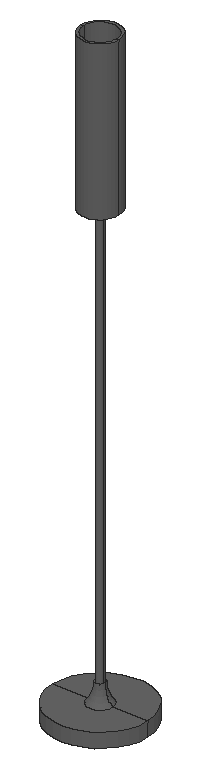
Revit family "Alcon-12315-2-Revit-Family", category Lighting Fixtures, host Face, Revit 2021
Family settings
  Host = Face
  Round Connector Dimension = Use Diameter
  Part Type = Normal
  Cut with Voids When Loaded = No
  Light Source = Yes
  Shared = No
  Room Calculation Point = No
Parameters
  Wattage = 9.2903 W
  built-in parameter 1150110 = 1 (stored number, unit not read)
  URL = "https://www.alconlighting.com/"
  built-in parameter 1114217 = 1 (stored number, unit not read)
  Tilt Angle = 90.00°
  built-in parameter 1150109 = 1 (stored number, unit not read)
  built-in parameter 1150134 = 3
  built-in parameter 1150113 = 1 (stored number, unit not read)
  Product Identity = "Alcon Lighting 12315"
  Photometric Web File = "LTDP320B-B15.ies"
  built-in parameter 1150142 = "IESNA:LM-63-2002\r\n[TEST] 0677-L1-180716\r\n[TESTLAB] EEMA Industries\r\n[TESTDATE] 07/16/2018\r\n[ISSUEDATE] 08/07/2018\r\n[NEARFIELD] \r\n[MANUFAC] Liton Lighting Inc\r\n[LUMCAT] LTDP320B-B15\r\n[LUMINAIRE] LED Cylo 2” Cylinder Pendant\r\nTILT=NONE\r\n1 1151 1 73 17 1 1 -0.22 -0.22 0\r\n1.0 1.0 18.16\r\n0 2.5 5 7.5 10 12.5 15 17.5 20 22.5 25 27.5 30 32.5 35 37.5 40 42.5 45 47.5 50 52.5 55 57.5 60 62.5 65 67.5 70 72.5 75 77.5 80 82.5 85 87.5 90 92.5 95 97.5 100 102.5 105 107.5 110 112.5 115 117.5 120 122.5 125 127.5 130 132.5 135 137.5\r\n 140 142.5 145 147.5 150 152.5 155 157.5 160 162.5 165 167.5 170 172.5 175 177.5 180\r\n0 22.5 45 67.5 90 112.5 135 157.5 180 202.5 225 247.5 270 292.5 315 337.5 360 \r\n8365.0586 7627.9517 6423.3345 5358.8789 3749.5847 2518.447 1596.1089 934.2343 523.5054 284.7968 152.0357 80.0753 49.4962 36.695 29.4341 25.629 24.1031 23.5203 22.6312 22.3702 21.4196 20.5144 19.3337 17.5444 16.2875 15.0066 13.0059\r\n 11.2094 9.3772 7.268 5.7915 4.4899 3.2258 2.5857 1.4682 0.9084 0.4404 0.4159 0.3914 0.367 0.3425 0.318 0.2936 0.2691 0.2446 0.2202 0.1957 0.1713 0.1468 0.1223 0.0979 0.0734 0.0489 0.0245 0 0 0 0 0 0 0 0 0 0 0 0 0 0 0 0 0 0 0\r\n8365.0586 7627.9517 6423.3345 5358.8789 3749.5847 2518.447 1596.1089 934.2343 523.5054 284.7968 152.0357 80.0753 49.4962 36.695 29.4341 25.629 24.1031 23.5203 22.6312 22.3702 21.4196 20.5144 19.3337 17.5444 16.2875 15.0066 13.0059\r\n 11.2094 9.3772 7.268 5.7915 4.4899 3.2258 2.5857 1.4682 0.9084 0.4404 0.4159 0.3914 0.367 0.3425 0.318 0.2936 0.2691 0.2446 0.2202 0.1957 0.1713 0.1468 0.1223 0.0979 0.0734 0.0489 0.0245 0 0 0 0 0 0 0 0 0 0 0 0 0 0 0 0 0 0 0\r\n8365.0586 7627.9517 6423.3345 5358.8789 3749.5847 2518.447 1596.1089 934.2343 523.5054 284.7968 152.0357 80.0753 49.4962 36.695 29.4341 25.629 24.1031 23.5203 22.6312 22.3702 21.4196 20.5144 19.3337 17.5444 16.2875 15.0066 13.0059\r\n 11.2094 9.3772 7.268 5.7915 4.4899 3.2258 2.5857 1.4682 0.9084 0.4404 0.4159 0.3914 0.367 0.3425 0.318 0.2936 0.2691 0.2446 0.2202 0.1957 0.1713 0.1468 0.1223 0.0979 0.0734 0.0489 0.0245 0 0 0 0 0 0 0 0 0 0 0 0 0 0 0 0 0 0 0\r\n8365.0586 7627.9517 6423.3345 5358.8789 3749.5847 2518.447 1596.1089 934.2343 523.5054 284.7968 152.0357 80.0753 49.4962 36.695 29.4341 25.629 24.1031 23.5203 22.6312 22.3702 21.4196 20.5144 19.3337 17.5444 16.2875 15.0066 13.0059\r\n 11.2094 9.3772 7.268 5.7915 4.4899 3.2258 2.5857 1.4682 0.9084 0.4404 0.4159 0.3914 0.367 0.3425 0.318 0.2936 0.2691 0.2446 0.2202 0.1957 0.1713 0.1468 0.1223 0.0979 0.0734 0.0489 0.0245 0 0 0 0 0 0 0 0 0 0 0 0 0 0 0 0 0 0 0\r\n8365.0586 7627.9517 6423.3345 5358.8789 3749.5847 2518.447 1596.1089 934.2343 523.5054 284.7968 152.0357 80.0753 49.4962 36.695 29.4341 25.629 24.1031 23.5203 22.6312 22.3702 21.4196 20.5144 19.3337 17.5444 16.2875 15.0066 13.0059\r\n 11.2094 9.3772 7.268 5.7915 4.4899 3.2258 2.5857 1.4682 0.9084 0.4404 0.4159 0.3914 0.367 0.3425 0.318 0.2936 0.2691 0.2446 0.2202 0.1957 0.1713 0.1468 0.1223 0.0979 0.0734 0.0489 0.0245 0 0 0 0 0 0 0 0 0 0 0 0 0 0 0 0 0 0 0\r\n8365.0586 7627.9517 6423.3345 5358.8789 3749.5847 2518.447 1596.1089 934.2343 523.5054 284.7968 152.0357 80.0753 49.4962 36.695 29.4341 25.629 24.1031 23.5203 22.6312 22.3702 21.4196 20.5144 19.3337 17.5444 16.2875 15.0066 13.0059\r\n 11.2094 9.3772 7.268 5.7915 4.4899 3.2258 2.5857 1.4682 0.9084 0.4404 0.4159 0.3914 0.367 0.3425 0.318 0.2936 0.2691 0.2446 0.2202 0.1957 0.1713 0.1468 0.1223 0.0979 0.0734 0.0489 0.0245 0 0 0 0 0 0 0 0 0 0 0 0 0 0 0 0 0 0 0\r\n8365.0586 7627.9517 6423.3345 5358.8789 3749.5847 2518.447 1596.1089 934.2343 523.5054 284.7968 152.0357 80.0753 49.4962 36.695 29.4341 25.629 24.1031 23.5203 22.6312 22.3702 21.4196 20.5144 19.3337 17.5444 16.2875 15.0066 13.0059\r\n 11.2094 9.3772 7.268 5.7915 4.4899 3.2258 2.5857 1.4682 0.9084 0.4404 0.4159 0.3914 0.367 0.3425 0.318 0.2936 0.2691 0.2446 0.2202 0.1957 0.1713 0.1468 0.1223 0.0979 0.0734 0.0489 0.0245 0 0 0 0 0 0 0 0 0 0 0 0 0 0 0 0 0 0 0\r\n8365.0586 7627.9517 6423.3345 5358.8789 3749.5847 2518.447 1596.1089 934.2343 523.5054 284.7968 152.0357 80.0753 49.4962 36.695 29.4341 25.629 24.1031 23.5203 22.6312 22.3702 21.4196 20.5144 19.3337 17.5444 16.2875 15.0066 13.0059\r\n 11.2094 9.3772 7.268 5.7915 4.4899 3.2258 2.5857 1.4682 0.9084 0.4404 0.4159 0.3914 0.367 0.3425 0.318 0.2936 0.2691 0.2446 0.2202 0.1957 0.1713 0.1468 0.1223 0.0979 0.0734 0.0489 0.0245 0 0 0 0 0 0 0 0 0 0 0 0 0 0 0 0 0 0 0\r\n8365.0586 7627.9517 6423.3345 5358.8789 3749.5847 2518.447 1596.1089 934.2343 523.5054 284.7968 152.0357 80.0753 49.4962 36.695 29.4341 25.629 24.1031 23.5203 22.6312 22.3702 21.4196 20.5144 19.3337 17.5444 16.2875 15.0066 13.0059\r\n 11.2094 9.3772 7.268 5.7915 4.4899 3.2258 2.5857 1.4682 0.9084 0.4404 0.4159 0.3914 0.367 0.3425 0.318 0.2936 0.2691 0.2446 0.2202 0.1957 0.1713 0.1468 0.1223 0.0979 0.0734 0.0489 0.0245 0 0 0 0 0 0 0 0 0 0 0 0 0 0 0 0 0 0 0\r\n8365.0586 7627.9517 6423.3345 5358.8789 3749.5847 2518.447 1596.1089 934.2343 523.5054 284.7968 152.0357 80.0753 49.4962 36.695 29.4341 25.629 24.1031 23.5203 22.6312 22.3702 21.4196 20.5144 19.3337 17.5444 16.2875 15.0066 13.0059\r\n 11.2094 9.3772 7.268 5.7915 4.4899 3.2258 2.5857 1.4682 0.9084 0.4404 0.4159 0.3914 0.367 0.3425 0.318 0.2936 0.2691 0.2446 0.2202 0.1957 0.1713 0.1468 0.1223 0.0979 0.0734 0.0489 0.0245 0 0 0 0 0 0 0 0 0 0 0 0 0 0 0 0 0 0 0\r\n8365.0586 7627.9517 6423.3345 5358.8789 3749.5847 2518.447 1596.1089 934.2343 523.5054 284.7968 152.0357 80.0753 49.4962 36.695 29.4341 25.629 24.1031 23.5203 22.6312 22.3702 21.4196 20.5144 19.3337 17.5444 16.2875 15.0066 13.0059\r\n 11.2094 9.3772 7.268 5.7915 4.4899 3.2258 2.5857 1.4682 0.9084 0.4404 0.4159 0.3914 0.367 0.3425 0.318 0.2936 0.2691 0.2446 0.2202 0.1957 0.1713 0.1468 0.1223 0.0979 0.0734 0.0489 0.0245 0 0 0 0 0 0 0 0 0 0 0 0 0 0 0 0 0 0 0\r\n8365.0586 7627.9517 6423.3345 5358.8789 3749.5847 2518.447 1596.1089 934.2343 523.5054 284.7968 152.0357 80.0753 49.4962 36.695 29.4341 25.629 24.1031 23.5203 22.6312 22.3702 21.4196 20.5144 19.3337 17.5444 16.2875 15.0066 13.0059\r\n 11.2094 9.3772 7.268 5.7915 4.4899 3.2258 2.5857 1.4682 0.9084 0.4404 0.4159 0.3914 0.367 0.3425 0.318 0.2936 0.2691 0.2446 0.2202 0.1957 0.1713 0.1468 0.1223 0.0979 0.0734 0.0489 0.0245 0 0 0 0 0 0 0 0 0 0 0 0 0 0 0 0 0 0 0\r\n8365.0586 7627.9517 6423.3345 5358.8789 3749.5847 2518.447 1596.1089 934.2343 523.5054 284.7968 152.0357 80.0753 49.4962 36.695 29.4341 25.629 24.1031 23.5203 22.6312 22.3702 21.4196 20.5144 19.3337 17.5444 16.2875 15.0066 13.0059\r\n 11.2094 9.3772 7.268 5.7915 4.4899 3.2258 2.5857 1.4682 0.9084 0.4404 0.4159 0.3914 0.367 0.3425 0.318 0.2936 0.2691 0.2446 0.2202 0.1957 0.1713 0.1468 0.1223 0.0979 0.0734 0.0489 0.0245 0 0 0 0 0 0 0 0 0 0 0 0 0 0 0 0 0 0 0\r\n8365.0586 7627.9517 6423.3345 5358.8789 3749.5847 2518.447 1596.1089 934.2343 523.5054 284.7968 152.0357 80.0753 49.4962 36.695 29.4341 25.629 24.1031 23.5203 22.6312 22.3702 21.4196 20.5144 19.3337 17.5444 16.2875 15.0066 13.0059\r\n 11.2094 9.3772 7.268 5.7915 4.4899 3.2258 2.5857 1.4682 0.9084 0.4404 0.4159 0.3914 0.367 0.3425 0.318 0.2936 0.2691 0.2446 0.2202 0.1957 0.1713 0.1468 0.1223 0.0979 0.0734 0.0489 0.0245 0 0 0 0 0 0 0 0 0 0 0 0 0 0 0 0 0 0 0\r\n8365.0586 7627.9517 6423.3345 5358.8789 3749.5847 2518.447 1596.1089 934.2343 523.5054 284.7968 152.0357 80.0753 49.4962 36.695 29.4341 25.629 24.1031 23.5203 22.6312 22.3702 21.4196 20.5144 19.3337 17.5444 16.2875 15.0066 13.0059\r\n 11.2094 9.3772 7.268 5.7915 4.4899 3.2258 2.5857 1.4682 0.9084 0.4404 0.4159 0.3914 0.367 0.3425 0.318 0.2936 0.2691 0.2446 0.2202 0.1957 0.1713 0.1468 0.1223 0.0979 0.0734 0.0489 0.0245 0 0 0 0 0 0 0 0 0 0 0 0 0 0 0 0 0 0 0\r\n8365.0586 7627.9517 6423.3345 5358.8789 3749.5847 2518.447 1596.1089 934.2343 523.5054 284.7968 152.0357 80.0753 49.4962 36.695 29.4341 25.629 24.1031 23.5203 22.6312 22.3702 21.4196 20.5144 19.3337 17.5444 16.2875 15.0066 13.0059\r\n 11.2094 9.3772 7.268 5.7915 4.4899 3.2258 2.5857 1.4682 0.9084 0.4404 0.4159 0.3914 0.367 0.3425 0.318 0.2936 0.2691 0.2446 0.2202 0.1957 0.1713 0.1468 0.1223 0.0979 0.0734 0.0489 0.0245 0 0 0 0 0 0 0 0 0 0 0 0 0 0 0 0 0 0 0\r\n8365.0586 7627.9517 6423.3345 5358.8789 3749.5847 2518.447 1596.1089 934.2343 523.5054 284.7968 152.0357 80.0753 49.4962 36.695 29.4341 25.629 24.1031 23.5203 22.6312 22.3702 21.4196 20.5144 19.3337 17.5444 16.2875 15.0066 13.0059\r\n 11.2094 9.3772 7.268 5.7915 4.4899 3.2258 2.5857 1.4682 0.9084 0.4404 0.4159 0.3914 0.367 0.3425 0.318 0.2936 0.2691 0.2446 0.2202 0.1957 0.1713 0.1468 0.1223 0.0979 0.0734 0.0489 0.0245 0 0 0 0 0 0 0 0 0 0 0 0 0 0 0 0 0 0 0\r\n"
  Manufacturer = "Alcon Light"
  built-in parameter 1150105 = 109.82 (stored number, unit not read)
  Lumens = 1380 lm
  built-in parameter 1150115 = 1 (stored number, unit not read)
  Link To Product Page = "https://www.alconlighting.com/alcon-led-2-inch-suspended-cylinder-light-fixture.html"
  built-in parameter 1150137 = (empty or 0)
  built-in parameter 1150139 = (empty or 0)
  built-in parameter 1150112 = 1 (stored number, unit not read)
  built-in parameter 1150114 = 1 (stored number, unit not read)
  built-in parameter 1150132 = 2
  built-in parameter 1150102 = (empty or 0)
  built-in parameter 1150107 = 3200 (stored number, unit not read)
  built-in parameter 1150138 = (empty or 0)
  built-in parameter 1150106 = 1.0982 (stored number, unit not read)
  Height = 2' - 0"
  built-in parameter 1150104 = 13.8 (stored number, unit not read)
  Dimming Lamp Color Temperature Shift = <None>
  Default Elevation = 4' - 0"
  Color Filter = 16777215
  Canopy = Canopy
  Cable = Cable
  built-in parameter 1114218 = 1 (stored number, unit not read)
  built-in parameter 1150133 = 10 (stored number, unit not read)
Reference planes (in)
  plane 1 "Center (Front/Back)": y = 0
  plane 2: z = 0
  plane 3 "Center (Left/Right)": x = 0
  plane 4 "1": z = 24
  plane 5 "2": z = 31
Forms (in)
  Revolve 1, solid, material "Canopy" <- "Canopy"
    sketch origin (0, 0, 0) x (1, 0, 0) y (0, 0, 1)
      loop
        line (0, 0) -> (2.5, 0) -> (2.5, 0.75) -> (0.63396, 0.75)
        arc (0.63396, 0.75) -> (0.35051, 1.21437) -> (0.25521, 1.75) r 1.47122
        line (0.25521, 1.75) -> (0, 1.75) -> (0, 0)
      axis (0, 1.75) -> (0, 0)
    angle from 0 to 360
  Extrusion 2, solid, material "Cable" <- "Cable"
    sketch origin (0, 0, 0) x (1, 0, 0) y (0, 1, 0)
      loop
        circle (0, 0) r 0.1883
    from 1.75 to 24
Dimensions and locks (in)
  "Height": plane 4 "1" to level
  nested 1 to plane 5 "2" to plane 4 "1" = 0' - 1 1/4" locked, 0' - 7" locked
  aligned and locked: plane 2 to host face
  aligned and locked: level to host face
  aligned and locked: plane 4 "1" to Extrusion 2
  aligned and locked: level to Revolve 1
  aligned and locked: plane 4 "1" to nested 1
  aligned and locked: plane 3 "Center (Left/Right)" to nested 1
  aligned and locked: imposter light to plane 5 "2"
Automatic sketch dimensions
  host sketch curve to host sketch curve = 8' - 0"  (x2)
  Revolve 1 sketch curve to plane 3 "Center (Left/Right)" = 0' - 0"  (x2)
  Revolve 1 sketch curve to level = 0' - 0"  (x2)
  plane 3 "Center (Left/Right)" to Revolve 1 sketch curve = 0' - 0.63396"
  Revolve 1 sketch curve to Revolve 1 sketch curve = 0' - 0.77364"
  level to Revolve 1 sketch curve = 0' - 0 3/4"
  Revolve 1 sketch curve to Revolve 1 sketch curve = 0' - 0.98547"
  Revolve 1 sketch curve to Revolve 1 sketch curve = 0' - 1"
  Revolve 1 sketch curve to level = 0' - 3"
  plane 3 "Center (Left/Right)" to Revolve 1 sketch curve = 0' - 0.25521"
  plane 1 "Center (Front/Back)" to Extrusion 2 sketch curve = 0' - 0"
  Extrusion 2 sketch curve to plane 3 "Center (Left/Right)" = 0' - 0"
  radius of Extrusion 2 sketch curve = 0' - 0.1883"
Nested families (in)
  nested 1: "Alcon-Can12315-2-Revit-Family" at (0, 0, 24), type "Alcon-Can12315-2-Revit-Family"
Definition of nested family "Alcon-Can12315-2-Revit-Family"
  Parameters (values of type "Alcon-Can12315-2-Revit-Family")
    Housing = none
    Default Elevation = 0' - 0"
  Reference planes (in)
    plane 1 "Light Source Axis (F/B)": y = 0
    plane 2: z = 0
    plane 3 "Light Source Axis (L/R)": x = 0
    plane 4 "Light Source Elevation": z = 8.25
  Forms (in)
    Revolve 1, solid, material <- "Housing"
      sketch origin (0, 0, -12) x (1, 0, 0) y (0, 0, 1)
        loop
          line (0, 12) -> (1, 12) -> (1, 20.25) -> (0.875, 20.25) -> (0.875, 12.5) -> (0, 12.5) -> (0, 12)
        axis (0, 12) -> (0, 20.25)
      angle from 0 to 360
  Dimensions and locks (in)
    aligned and locked: level to plane 2
